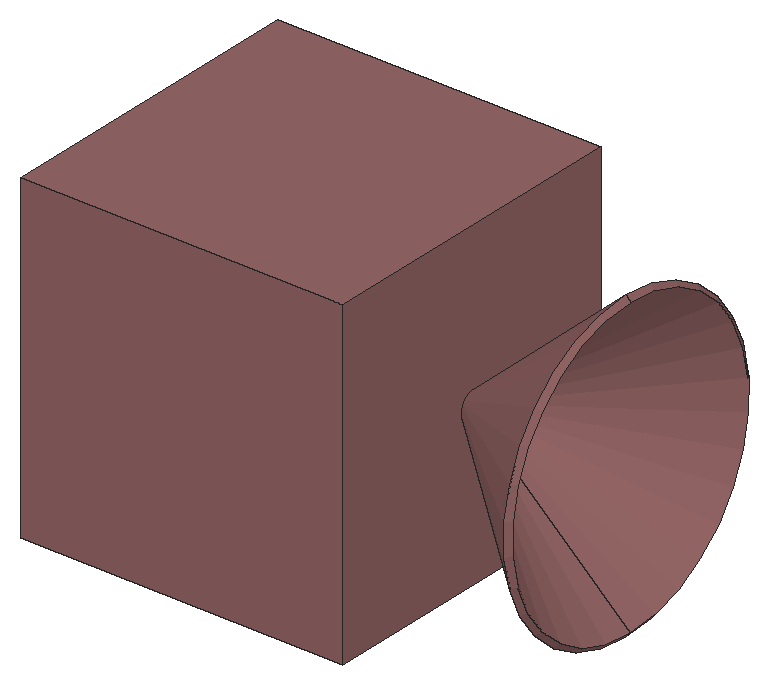
Revit family
Parameters
  Label = "F"
  Alarm Material = Metal - Paint Finish - Indian Red, Matte
Reference planes
  plane 1: y = 0
  plane 2: z = 0
  plane 3: z = 1959.391
  plane 4 "axis": y = 176.2
  plane 5 "Center (Left/Right)": x = -584.429
Forms (mm)
  Extrusion 1, solid, material "Metal - Paint Finish - Indian Red, Matte" <- "Alarm Material"
    sketch origin (-1524, 100, 0) x (-1, 0, 0) y (0, 0, 1)
      loop
        line (-1015.771, 2035.591) -> (-1015.771, 1883.191) -> (-863.371, 1883.191) -> (-863.371, 2035.591) -> (-1015.771, 2035.591)
    from 0 to 152.4
  Revolve 2, solid, material "Metal - Paint Finish - Indian Red, Matte" <- "Alarm Material"
    sketch origin (0, 176.2, 0) x (-1, 0, 0) y (0, 0, 1)
      loop
        line (433.127, 2029.437) -> (508.229, 1961.458) -> (508.229, 1965.741) -> (435.258, 2031.791) -> (433.127, 2029.437)
      axis (508.229, 1959.391) -> (433.127, 1959.391)
    angle from 0 to 360
Lines and regions (mm)
  model lines
    curve 1: arc (-588.491, 252.4, 1909.157) -> (-638.726, 252.4, 1959.391) -> (-588.491, 252.4, 2009.625) r 50.234
    curve 2: arc (-588.491, 252.4, 2009.625) -> (-538.257, 252.4, 1959.391) -> (-588.491, 252.4, 1909.157) r 50.234
Text (mm)
  text "Placement Side" at (-1504.828, 1592.972, 0), in view "Floor Line"
  text "Exterior" at (0, 1019.848, 3124.603), in view "Right"
  text "Interior" at (0, -1635.541, 3124.603), in view "Right"
Dimensions and locks
  locked: plane 4 "axis" to host wall at 76.2
  aligned and locked: nested 1 to host wall
Automatic sketch dimensions
  Extrusion 1 sketch curve to plane 3 = 76.20 mm
  Extrusion 1 sketch curve to Extrusion 1 sketch curve = 152.40 mm
  plane 3 to Extrusion 1 sketch curve = 76.20 mm
  Revolve 2 sketch curve to plane 3 = 0.00 mm
  plane 3 to Revolve 2 sketch curve = 70.046 mm
  Revolve 2 sketch curve to Revolve 2 sketch curve = 39.198 mm
  plane 3 to Revolve 2 sketch curve = 72.40 mm
  Revolve 2 sketch curve to Revolve 2 sketch curve = 2.131 mm
  Revolve 2 sketch curve to Revolve 2 sketch curve = 76.20 mm
  plane 3 to Revolve 2 sketch curve = 2.068 mm
  curve 2 to plane 3 = 0.00 mm
  plane 3 to curve 1 = 50.234 mm
Nested families
  nested 1: "Fire Alarm-Horn Annotation" at (-585.357, 100, 0), type "Fire Alarm-Horn Annotation"
Definition of nested family "Fire Alarm-Horn Annotation"
  Parameters
    Label = ""
  Reference planes
    plane 1: y = 0
    plane 2: x = 0
  Lines and regions (mm)
    detail lines
      curve 1: line (-1.587, 3.368, 0) -> (1.588, 3.368, 0)
      curve 2: line (1.588, 0.193, 0) -> (1.588, 3.368, 0)
      curve 3: line (-1.587, 0.193, 0) -> (-1.587, 3.368, 0)
      curve 4: line (-1.587, 0.193, 0) -> (1.588, 0.193, 0)
      curve 5: line (3.175, 0.193, 0) -> (3.175, 3.368, 0)
      curve 6: line (1.588, 1.78, 0) -> (3.175, 3.368, 0)
      curve 7: line (1.588, 1.78, 0) -> (3.175, 0.193, 0)
      curve 8: arc (1.381, 1.719, 0) -> (-1.381, 1.843, 0) -> (1.381, 1.719, 0) r 1.382
  Text (mm)
    label "F" at (0.022, 1.777, 0), shows "Label"
  Automatic sketch dimensions
    curve 8 to plane 2 = 0.00 mm
    curve 1 to plane 2 = 1.587 mm
    plane 2 to curve 2 = 1.588 mm
    curve 7 to plane 1 = 0.193 mm
    curve 2 to curve 7 = 1.588 mm  (x2)
    curve 2 to plane 1 = 0.193 mm
    curve 6 to curve 2 = 1.587 mm
    curve 8 to curve 6 = 0.00 mm
    radius of curve 8 = 1.382 mm
